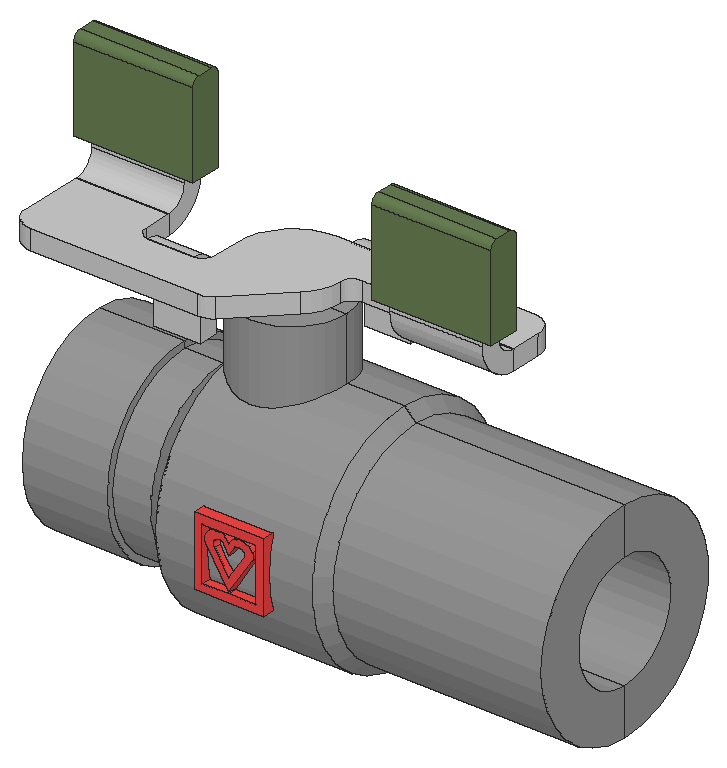
Revit family "Kugelhahn mit Flügelgriff und Rückflussverhinderer 2110", category Rohrzubehör, Revit 2018
Family settings
  Bemaßung runder Anschluss = Durchmesser verwenden
  Teiletyp = Unterbricht
  OmniClass-Nummer = 23.65.55.14
  OmniClass-Titel = Valves for Liquid Services
  Arbeitsebenenbasiert = Nein
  Immer vertikal = Ja
  Beim Laden mit Abzugskörper schneiden = Nein
  Gemeinsam genutzt = Nein
Parameters
  W01 = 45.00°  # constant formula
  URL = "www.herz-armaturen.at"
  Spindeldichtung = "EPDM"  # constant formula
  Spindel = "Messing nach EN 12164, CW614N"  # constant formula
  SC_NennweiteBerechnet = 0
  SC_Dimension = ""
  SCTWSEQ = "FW;SBT_TYP_FW=\"102\";2"
  SCTWCODE = "04;04;02"  # constant formula
  S04 = 5.000 mm  # constant formula
  S03 [instance] = D04 - 2.000 mm  # 11.500 mm
  S02 [instance] = L01 + 4.500 mm  # 38.500 mm
  S01 [instance] = D04 * 2  # 27.000 mm
  R01 = 7.000 mm  # constant formula
  O-Ring Rückflussverhinderer = "Silikon"  # constant formula
  Nennweite [instance] = 15.000 mm
  Min. Betriebstemperatur (Wasser) = 0.5 °C  # constant formula
  Min. Betriebstemperatur = -10 °C  # constant formula
  Medium = "Trinkwasser"
  Max. Betriebstemperatur = 85 °C  # constant formula
  Max. Betriebsdruck = 2500000.0 Pa  # constant formula
  L05 [instance] = size_lookup("2110_0X_", "L5", 1.000 mm, Nennweite)  # 25.000 mm
  L04 [instance] = size_lookup("2110_0X_", "L4", 1.000 mm, Nennweite)  # 27.000 mm
  L03 = 5.000 mm  # constant formula
  L02 [instance] = size_lookup("2110_0X_", "L2", 1.000 mm, Nennweite)  # 11.000 mm
  L01 [instance] = size_lookup("2110_0X_", "L1", 1.000 mm, Nennweite)  # 34.000 mm
  Kugeldichtung = "PTFE"  # constant formula
  Kugel = "geschmiedetes entzinkungsbeständiges Messing nach EN 12165, volle Bohrung, verchromt, CW626N"  # constant formula
  IG [instance] = Nennweite / 2  # 7.500 mm
  Hinweis = "Gemäß Art 33 der REACH-Verordnung (EG Nr. 1907/2006) sind wir verpflichtet, darauf hinzuweisen, dass der Stoff Blei auf der SVHC-Liste geführt wird und dass alle aus Messing bestehenden Bauteile, die in unseren Erzeugnissen verarbeitet sind, mehr als 0,1 % (w/w) Blei (CAS: 7439-92-1 / EINECS: 231-100-4) enthalten.\r\nDa Blei als Legierungsbestandteil fest gebunden ist, sind keine Expositionen zu erwarten und daher sind keine zusätzlichen Angaben zur sicheren Verwendung notwendig."
  Hersteller = "HERZ Armaturen Ges.m.b.H."  # constant formula
  Handgriff = "Flügelgriff, grün, Stahlblech - verzinkt"  # constant formula
  H01 [instance] = size_lookup("2110_0X_", "H1", 1.000 mm, Nennweite)  # 23.000 mm
  Gewinde = "nach ISO 228"  # constant formula
  Gehäuse Rückflussverhinderer = "POM"  # constant formula
  Gehäuse = "geschmiedetes entzinkungsbeständiges Messing nach EN 12165, CW626N"  # constant formula
  GT [instance] = size_lookup("2110_0X_", "GT", 1.000 mm, Nennweite)  # 10.000 mm
  DN15-DN20 [instance] = if(Nennweite = 15.000 mm, 42.000 mm, 46.000 mm)  # 42.000 mm
  D04 [instance] = size_lookup("2110_0X_", "D4", 1.000 mm, Nennweite)  # 13.500 mm
  D03 [instance] = size_lookup("2110_0X_", "D3", 1.000 mm, Nennweite)  # 15.000 mm
  D02 [instance] = size_lookup("2110_0X_", "D2", 1.000 mm, Nennweite)  # 11.700 mm
  D01 [instance] = size_lookup("2110_0X_", "D1", 1.000 mm, Nennweite)  # 12.500 mm
  Bestellnummer [instance] = size_lookup("2110_0X_", "Artnr", 0, Nennweite)  # 2211001
  Anwendungsgebiet = "Der HERZ Kugelhahn mit Flügelgriff und Rückflussverhinderer wird in Trinkwassersystemen verwendet und dient als Absperreinrichtung.\r\nGenerell werden Kugelhähne überall dort eingesetzt, wo der Durchfluss verlässlich unterbrochen werden muss.\r\nDer Rückflussverhinderer stellt sicher, dass ein Medienstrom ausschließlich in Durchflussrichtung stattfindet."
Reference planes
  plane 1 "Mitte (Vorne/hinten)": y = 0
  plane 2: z = 0
  plane 3 "Mitte (Links/rechts)": x = 0
Forms (mm)
  Revolve 1, solid, material "Messing, weicher Gelbton, geschweißt", detail levels fine
    sketch origin (0, 0, 0) x (1, 0, 0) y (0, 0, 1)
      loop
        line (-24, 0) -> (24, 0) -> (24, 7.5) -> (34, 7.5) -> (34, 13.5) -> (7, 13.5) -> (5.5, 15) -> (-14.7, 15) -> (-18, 11.7) -> (-23, 11.7) -> (-23, 12.5) -> (-34, 12.5) -> (-34, 7.5) -> (-24, 7.5) -> (-24, 0)
      axis (-34, 0) -> (34, 0)
    angle from 0 to 360
  Revolve 2, solid, material "Messing, weicher Gelbton, geschweißt", detail levels fine
    sketch origin (0, 0, 0) x (1, 0, 0) y (0, 0, 1)
      loop
        line (-5.588, 0) -> (-5.588, 8) -> (-2, 8) -> (-2, 23) -> (-9, 23) -> (-9, 0) -> (-5.588, 0)
      axis (-9, 0) -> (-9, 23)
    angle from 0 to 360
Lines and regions (mm)
  model lines, detail levels coarse+medium
    curve 1: line (-34, 0, 13.5) -> (-34, 0, -13.5)
    curve 2: line (-34, 0, -13.5) -> (4.5, 0, 13.5)
    curve 3: line (4.5, 0, 13.5) -> (4.5, 0, -13.5)
    curve 4: line (4.5, 0, -13.5) -> (-34, 0, 13.5)
    curve 5: circle (-14.75, 0, 0) r 11.5 normal (0, -1, 0)
    curve 6: line (4.5, 0, 13.5) -> (34, 0, -13.5)
    curve 7: line (34, 0, -13.5) -> (34, 0, 13.5)
    curve 8: circle (4.5, 0, 13.5) r 5 normal (0, -1, 0)
    curve 9: line (-34, 13.5, 0) -> (-34, -13.5, 0)
    curve 10: line (-34, -13.5, 0) -> (4.5, 13.5, 0)
    curve 11: line (4.5, 13.5, 0) -> (4.5, -13.5, 0)
    curve 12: line (4.5, -13.5, 0) -> (-34, 13.5, 0)
    curve 13: line (4.5, 13.5, 0) -> (34, -13.5, 0)
    curve 14: line (34, -13.5, 0) -> (34, 13.5, 0)
    curve 15: circle (4.5, 13.5, 0) r 5 normal (0, 0, 1)
    curve 16: circle (-14.75, 0, 0) r 11.5 normal (0, 0, 1)
Dimensions and locks
  "L01": plane 3 "Mitte (Links/rechts)" to Revolve 1 sketch curve
  "L01": Revolve 1 sketch curve to plane 3 "Mitte (Links/rechts)"
  "L02": Revolve 1 sketch curve to Revolve 1 sketch curve
  "L03": Revolve 1 sketch curve to Revolve 1 sketch curve
  "D01": Revolve 1 sketch curve to plane 2
  "D02": Revolve 1 sketch curve to plane 2
  "D03": Revolve 1 sketch curve to plane 2
  "L04": Revolve 1 sketch curve to Revolve 1 sketch curve
  "D04": Revolve 1 sketch curve to plane 2
  "GT": Revolve 1 sketch curve to Revolve 1 sketch curve  (x2)
  "IG": Revolve 1 sketch curve to plane 2  (x2)
  "L05": Revolve 1 to Revolve 2 sketch curve  (x2)
  "H01": Revolve 2 sketch curve to plane 2
  "R01": Revolve 2 sketch curve to Revolve 2 sketch curve
  Revolve 2 sketch curve to plane 2 = 8.000 mm
  equal spacing: Revolve 1, nested 1, Revolve 1
  "D03": nested 1 to plane 1 "Mitte (Vorne/hinten)"
  equal spacing: curve 4, plane 2, curve 2
  "S01": curve 4 to curve 2
  "L01": plane 3 "Mitte (Links/rechts)" to curve 1
  equal spacing: curve 3, plane 2, curve 4
  "S01": curve 4 to curve 3
  "S02": curve 1 to curve 3
  equal spacing: curve 1, curve 5, curve 3
  "S02": curve 1 to curve 8
  "L01": curve 7 to plane 3 "Mitte (Links/rechts)"
  equal spacing: curve 7, plane 2, curve 7
  "S01": curve 7 to curve 7
  equal spacing: curve 10, plane 1 "Mitte (Vorne/hinten)", curve 12
  equal spacing: curve 12, plane 1 "Mitte (Vorne/hinten)", curve 13
  equal spacing: curve 14, plane 1 "Mitte (Vorne/hinten)", curve 14
  "L01": curve 9 to plane 3 "Mitte (Links/rechts)"
  "S02": curve 9 to curve 11
  "S02": curve 9 to curve 15
  "L01": plane 3 "Mitte (Links/rechts)" to curve 14
  "S01": curve 12 to curve 9
  "S01": curve 13 to curve 12
  "S01": curve 14 to curve 14
  equal spacing: curve 9, curve 16, curve 11
  "L05": Revolve 1 to nested 2
  "DN15-DN20": nested 2 to plane 2
  "S03": radius of curve 5
  "S04": radius of curve 8
  "S04": radius of curve 15
  "S03": radius of curve 16
  "W01": angle Revolve 1 sketch curve to Revolve 1 sketch curve  (x2)
  aligned and locked: level to plane 2
Automatic sketch dimensions
  curve 5 to level = 0.000 mm
  curve 8 to curve 2 = 0.000 mm
  plane 1 "Mitte (Vorne/hinten)" to curve 16 = 0.000 mm
  curve 15 to curve 10 = 0.000 mm
  Revolve 1 sketch curve to level = 0.000 mm  (x2)
  Revolve 1 sketch curve to Revolve 1 sketch curve = 1490.843 mm
  Revolve 1 sketch curve to Revolve 1 sketch curve = 1823.461 mm
  Revolve 2 sketch curve to level = 0.000 mm  (x2)
  Revolve 2 sketch curve to Revolve 2 sketch curve = 3.588 mm
  Revolve 2 sketch curve to Revolve 2 sketch curve = 0.000 mm
Nested families
  nested 1: "Herz-Logo-vorne" at (-4.6, -15, 0) x (0, 1, 0) z (0, 0, 1), type "Herz-Logo-vorne", detail levels fine
  nested 2: "Flügelgriff (Grün) DN15-DN20" at (-9, 0, 24), type "Flügelgriff (Grün) DN15-DN20"
Connectors
  piping at (-24, 0, 0), diameter 15, driven by "Nennweite"
    settings: on Revolve 1, index 1, connector inside diameter 609.6 mm, connector length 0.000 mm, flow factor 0, pipe flow 0.0 L/s, pressure drop 0.0 Pa, fitting loss kfactor 0, connector angle 0.00°, fixture units 0, engagement length 0.000 mm, angle of deflection 0.00°, flow configuration 0, flow direction 1, fitting loss method 0, system type 29, joint type 0, gender type 0, connector reference index -1, connector utility 0, adjustable connector no, is connector primary yes, connector description ""
  piping at (24, 0, 0), diameter 15, driven by "Nennweite"
    settings: on Revolve 1, index 2, connector inside diameter 609.6 mm, connector length 0.000 mm, flow factor 0, pipe flow 0.0 L/s, pressure drop 0.0 Pa, fitting loss kfactor 0, connector angle 0.00°, fixture units 0, engagement length 0.000 mm, angle of deflection 0.00°, flow configuration 0, flow direction 2, fitting loss method 0, system type 29, joint type 0, gender type 0, connector reference index -1, connector utility 0, adjustable connector no, is connector primary no, connector description ""
Definition of nested family "Herz-Logo-vorne"
  Reference planes
    plane 1 "Mitte (Vorne/hinten)": y = 0
    plane 2: z = 0
    plane 3 "Mitte (Links/rechts)": x = 0
  Forms (mm)
    Extrusion 1, solid
      sketch origin (0.732, -0.018, 0.017) x (0, -1, 0) y (0, 0, 1)
        loop
          line (-0.018, -4.517) -> (4.482, -4.517) -> (4.482, 4.483) -> (-4.518, 4.483) -> (-4.518, -4.517) -> (-0.018, -4.517)
        loop
          line (-0.05, -3.48) -> (3.482, -3.48) -> (3.482, 3.483) -> (-3.518, 3.483) -> (-3.518, -3.48) -> (-0.05, -3.48)
        loop
          arc (-0.018, 2.383) -> (-1.543, 3.287) -> (-3.067, 2.383) r 1.738
          arc (-3.067, 2.383) -> (-3.191, 1.899) -> (-3.067, 1.415) r 1.009
          line (-3.067, 1.415) -> (-0.018, -3.281) -> (3.032, 1.415)
          arc (3.032, 1.415) -> (3.156, 1.899) -> (3.032, 2.383) r 1.009
          arc (3.032, 2.383) -> (1.507, 3.287) -> (-0.018, 2.383) r 1.738
        loop
          arc (1.885, 1.272) -> (2.005, 1.675) -> (1.885, 2.079) r 0.74
          arc (1.885, 2.079) -> (1.265, 2.416) -> (0.644, 2.079) r 0.74
          line (0.644, 2.079) -> (-0.018, 0.97) -> (-0.679, 2.079)
          arc (-0.679, 2.079) -> (-1.3, 2.416) -> (-1.921, 2.079) r 0.74
          arc (-1.921, 2.079) -> (-2.04, 1.675) -> (-1.921, 1.272) r 0.74
          line (-1.921, 1.272) -> (-0.018, -1.658) -> (1.885, 1.272)
      from 0 to 1.5
  Dimensions and locks
    aligned and locked: level to plane 2
Definition of nested family "Flügelgriff (Grün) DN15-DN20"
  Reference planes
    plane 1 "Mitte (Vorne/hinten)": y = 0
    plane 2: z = 0
    plane 3 "Mitte (Links/rechts)": x = 0
  Forms (mm)
    Extrusion 1, solid, detail levels fine
      sketch origin (0, 0, 0) x (1, 0, 0) y (0, 1, 0)
        loop
          line (-7, 0) -> (-7, -3.8)
          arc (-7, -3.8) -> (-7.439, -4.861) -> (-8.5, -5.3) r 1.5
          line (-8.5, -5.3) -> (-14.5, -5.3)
          arc (-14.5, -5.3) -> (-15.561, -4.861) -> (-16, -3.8) r 1.5
          line (-16, -3.8) -> (-16, 0) -> (-28, 0) -> (-28, -8.1)
          arc (-28, -8.1) -> (-27.121, -10.221) -> (-25, -11.1) r 3
          line (-25, -11.1) -> (-3.453, -11.1)
          arc (-3.453, -11.1) -> (-2.496, -10.91) -> (-1.685, -10.368) r 2.5
          line (-1.685, -10.368) -> (4.443, -4.24)
          arc (4.443, -4.24) -> (5.743, -2.295) -> (6.2, 0) r 6
          arc (6.2, 0) -> (6.64, 1.06) -> (7.7, 1.499) r 1.5
          line (7.7, 1.499) -> (15.1, 1.499)
          arc (15.1, 1.499) -> (16.16, 1.06) -> (16.6, 0) r 1.5
          line (16.6, 0) -> (28.6, 0) -> (28.6, 4)
          arc (28.6, 4) -> (27.721, 6.121) -> (25.6, 7) r 3
          line (25.6, 7) -> (0, 7)
          arc (0, 7) -> (-4.95, 4.95) -> (-7, 0) r 7
      from 0 to 2.5
    Extrusion 2, solid, detail levels fine
      sketch origin (0, 0, 0) x (0, 1, 0) y (0, 0, 1)
        loop
          arc (2.5, 5) -> (1.768, 3.232) -> (0, 2.5) r 2.5
          line (0, 2.5) -> (0, 0)
          arc (0, 0) -> (3.536, 1.464) -> (5, 5) r 5
          line (5, 5) -> (5, 6) -> (2.5, 6) -> (2.5, 5)
      from -28 to -16
    Extrusion 3, solid, detail levels fine
      sketch origin (0, 5.3, 0) x (0, 1, 0) y (0, 0, 1)
        loop
          line (-7.8, 5) -> (-7.8, 6) -> (-10.3, 6) -> (-10.3, 5)
          arc (-10.3, 5) -> (-8.836, 1.464) -> (-5.3, 0) r 5
          line (-5.3, 0) -> (-5.3, 2.5)
          arc (-5.3, 2.5) -> (-7.068, 3.232) -> (-7.8, 5) r 2.5
      from 16.6 to 28.6
    Extrusion 4, solid, detail levels fine
      sketch origin (0, 0, 0) x (0, 1, 0) y (0, 0, 1)
        loop
          line (5.75, 6) -> (5.75, 17.041)
          arc (5.75, 17.041) -> (5.469, 17.719) -> (4.791, 18) r 0.959
          line (4.791, 18) -> (2.773, 18)
          arc (2.773, 18) -> (2.05, 17.7) -> (1.75, 16.977) r 1.023
          line (1.75, 16.977) -> (1.75, 6) -> (5.75, 6)
      from -29.7 to -14.3
    Extrusion 5, solid, detail levels fine
      sketch origin (0, 0, 0) x (0, 1, 0) y (0, 0, 1)
        loop
          line (-5.75, 6) -> (-1.75, 6) -> (-1.75, 17)
          arc (-1.75, 17) -> (-2.043, 17.707) -> (-2.75, 18) r 1
          line (-2.75, 18) -> (-4.75, 18)
          arc (-4.75, 18) -> (-5.457, 17.707) -> (-5.75, 17) r 1
          line (-5.75, 17) -> (-5.75, 6)
      from 30.3 to 14.9
    Extrusion 6, solid, detail levels fine
      sketch origin (0, 0, 0) x (0, 1, 0) y (0, 0, 1)
        loop
          line (9, -2) -> (9, -8) -> (11.5, -8) -> (11.5, -2)
          arc (11.5, -2) -> (10.182, 1.182) -> (7, 2.5) r 4.5
          line (7, 2.5) -> (7, 0)
          arc (7, 0) -> (8.414, -0.586) -> (9, -2) r 2
      from 8.1 to 2.1
    Extrusion 7, solid, detail levels fine
      sketch origin (0, 0, 0) x (0, 1, 0) y (0, 0, 1)
        loop
          line (-4.3, -1) -> (-4.3, -8) -> (-1.8, -8) -> (-1.8, -1)
          arc (-1.8, -1) -> (-2.825, 1.475) -> (-5.3, 2.5) r 3.5
          line (-5.3, 2.5) -> (-5.3, 0)
          arc (-5.3, 0) -> (-4.593, -0.293) -> (-4.3, -1) r 1
      from -14.5 to -8.5
  Dimensions and locks
    aligned and locked: level to plane 2
